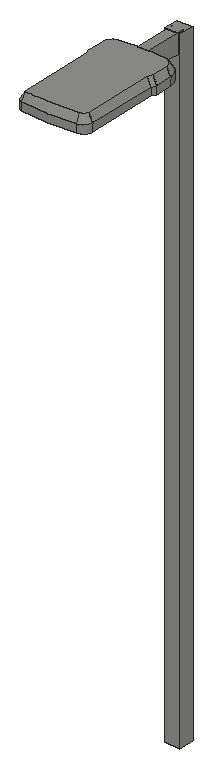
Revit family "VP-3-ASQU", category Lighting Fixtures, host Face, Revit 2019
Family settings
  Host = Face
  Round Connector Dimension = Use Diameter
  Part Type = Normal
  OmniClass Number = 23.80.70.11.14.17
  OmniClass Title = Direct/Indirect
  Cut with Voids When Loaded = No
  Light Source = No
  Shared = Yes
  Room Calculation Point = No
Parameters (values of type "VP-3-ASQU")
  Wattage Comments = "423.2W"
  Warranty = "Five year warranty"  # constant formula
  Voltage = 120 V
  URL = "https://www.currentlighting.com/beacon"
  Type Comments = "Lighting Fixture"  # constant formula
  Product Page URL = "https://www.currentlighting.com/outdoor-lighting/viper-area-size-3/9606405"
  Product Documentation Link = "https://cdn.currentlighting.com/site/specsheet/BEA_VIPERSPEC.pdf"
  Power Factor = 0.9
  Pole Height [instance] = 144.00"
  Name = "Viper Area Size 3"  # constant formula
  Model = "VP-3-ASQU"
  Matt Grey = MATT GREY
  Matt Black = Matt Black
  Manufacturer = "Current Lighting"  # constant formula
  Load Classification = Lighting
  Light Output = 30846.00 cd/m²
  Lamp = "LED"  # constant formula
  Grey = Grey
  Glass = Glass
  Pole Size [instance] = 3.50"
  Features = "Featuring two different optical technologies, Micro Strike and Strike Optics, which provide the best distribution patterns for retrofit or new construction\r\nVibration rated for high vibration applications including bridges and overpasses\r\nControl options including photo control, occupancy sensing, NX Lighting Controls, wiSCAPE and 7-Pin with networked controls\r\nMounting options include: Arm, Universal Arm, Adjustable Arm, Mast Arm, Decorative Arm, Knuckle, Trunnion, Wall\r\nDistribution options include: Auto Front Row, Type 2, Type 3, Type 4 Forward, Type 4 Wide, Type 5 Narrow, Type 5 Medium, Type 5 Wide, Type 5 Rectangular, Corner Optic, and Tennis Court\r\n\r\n"  # constant formula
  Copyright = "© 2022 Current Lighting"  # constant formula
  Cool Grey = Cool Grey
  Contact Us = "https://www.currentlighting.com/contact-us"
  Certification = "UL"  # constant formula
  Description = "The Viper is an extremely versatile area/site luminaire which blends design, performance, and technology for a variety of applications."  # constant formula
  Default Elevation = 48.00"
  Finish = Arctic White
  Matt White = Matt White
  CRI = "70"  # constant formula
  Brand = "Beacon"  # constant formula
  Assembly Code = "D5020200"
  Apparent Load = 423.2 VA
Reference planes (in)
  plane 1 "Center (Front/Back)": y = 6.16697
  plane 2: z = 0
  plane 3 "Center (Left/Right)": x = 0
  plane 4: z = 3.75
  plane 5: z = -4.44
  plane 6: x = -1.75
  plane 7: x = 1.75
  plane 8: y = 4.41697
  plane 9: y = 7.91697
  plane 10: z = 144
Forms (in)
  Extrusion 1, solid, material "Cool Grey" <- "Cool Grey"
    sketch origin (0, 0, 0) x (1, 0, 0) y (0, 1, 0)
      loop
        line (-1.75, 7.91697) -> (-1.75, 4.41697) -> (1.75, 4.41697) -> (1.75, 7.91697) -> (-1.75, 7.91697)
    from 0 to 144
Lines and regions (in)
  reference lines
    curve 1: line (0, 14.42606, -3.25) -> (0, 17.42606, -0.25)
    curve 2: line (0, -2.09213, -3.25) -> (0, 14.42606, -3.25)
    curve 3: line (0, -5.09213, -0.25) -> (0, -2.09213, -3.25)
    curve 4: line (0, 14.42606, -3.25) -> (0, 17.42606, -0.25)
    curve 5: line (0, -5.09213, -0.25) -> (0, 17.42606, -0.25)
    curve 6: line (0, 17.17606, -0.77432) -> (0, 17.92606, -0.77432)
    curve 7: line (0, 17.17606, -1.52432) -> (0, 17.17606, -0.77432)
    curve 8: line (0, 16.69614, -1.52432) -> (0, 17.17606, -1.52432)
    curve 9: line (0, 14.92606, -4.25) -> (0, 16.69614, -1.52432)
    curve 10: line (0, -4.3622, -1.52432) -> (0, -2.59213, -4.25)
    curve 11: line (0, -4.84213, -1.52432) -> (0, -4.3622, -1.52432)
    curve 12: line (0, -4.84213, -0.77432) -> (0, -4.84213, -1.52432)
    curve 13: line (0, -5.59213, -0.77432) -> (0, -4.84213, -0.77432)
Dimensions and locks (in)
  plane 4 to plane 2 = 3.75"
  "Pole Size": plane 8 to plane 9
  equal spacing: plane 8, plane 1 "Center (Front/Back)", plane 9
  equal spacing: plane 6, plane 3 "Center (Left/Right)", plane 7
  "Pole Size": plane 6 to plane 7
  "Pole Height": plane 10 to plane 2
  aligned and locked: plane 2 to host face
  aligned and locked: level to host face
  aligned and locked: plane 10 to Extrusion 1
  aligned and locked: plane 3 "Center (Left/Right)" to nested 1
  aligned and locked: plane 9 to Extrusion 1 sketch curve
  aligned and locked: plane 6 to Extrusion 1 sketch curve
  aligned and locked: Extrusion 1 sketch curve to plane 8
  aligned and locked: Extrusion 1 sketch curve to plane 7
  aligned and locked: nested 1 to plane 10
Automatic sketch dimensions
  host sketch curve to host sketch curve = 96.00"
  host sketch curve to host sketch curve = 85.00"
  curve 3 to level = 0.25"
  plane 8 to curve 3 = 9.50909"
  curve 3 to curve 12 = 0.25"
  curve 11 to curve 11 = 0.47992"
  curve 2 to plane 5 = 1.19"
  curve 10 to curve 2 = 2.27008"
  curve 1 to plane 9 = 6.50909"
  curve 9 to level = 1.52432"
  curve 1 to curve 9 = 2.27008"
  curve 8 to curve 8 = 0.47992"
  curve 6 to curve 4 = 0.25"
  curve 10 to curve 3 = 1.27432"
  curve 7 to curve 1 = 0.52432"
  curve 12 to curve 3 = 0.52432"
  curve 13 to curve 3 = 0.50"
  curve 10 to plane 5 = 0.19"
  curve 10 to curve 2 = 0.50"
  curve 9 to plane 5 = 0.19"
  curve 1 to curve 9 = 0.50"
  curve 1 to curve 6 = 0.50"
Nested families (in)
  nested 1: "SIZE3" at (0, 4.41697, 142.26) x (1, 0, 0) z (0, -1, 0), type "SIZE3"
Connectors (in)
  electrical at (0, 6.16697, 0), driven by "Power Factor", driven by "Apparent Load", driven by "Voltage"
    settings: on Extrusion 1, index 1, voltage 120 V, apparent load 423.2 VA, apparent load phase1 0 VA, apparent load phase2 0 VA, apparent load phase3 0 VA, power factor 0.9, load classification "Other", number of poles 1, system type 30, power factor state 1, is connector primary yes, connector utility no, sub classification motor no, connector description "Light Fixture"
Definition of nested family "SIZE3"
  Parameters (values of type "SIZE3")
    Width = 16.11"
    Wattage = 423.2 W
    built-in parameter 1150110 = 1 (stored number, unit not read)
    built-in parameter 1114217 = 1 (stored number, unit not read)
    Tilt Angle = 160.00°
    built-in parameter 1150109 = 1 (stored number, unit not read)
    built-in parameter 1150134 = 3
    built-in parameter 1150113 = 1 (stored number, unit not read)
    Photometric Web File = "VP-3-480L-425-3K7-4W-BC.ies"
    Mount Length = 7.50"
    built-in parameter 1150105 = 2458.4 (stored number, unit not read)
    Lumens = 30893.6 lm
    built-in parameter 1150115 = 1 (stored number, unit not read)
    built-in parameter 1150137 = (empty or 0)
    built-in parameter 1150139 = (empty or 0)
    Length = 26.97"
    built-in parameter 1150112 = 1 (stored number, unit not read)
    built-in parameter 1150114 = 1 (stored number, unit not read)
    built-in parameter 1150132 = (empty or 0)
    built-in parameter 1150102 = (empty or 0)
    built-in parameter 1150107 = 3200 (stored number, unit not read)
    built-in parameter 1150138 = (empty or 0)
    built-in parameter 1150106 = 24.584 (stored number, unit not read)
    Glass = none
    Fixture = none
    built-in parameter 1150104 = 6.7819 (stored number, unit not read)
    Dimming Lamp Color Temperature Shift = (empty or 0)
    Default Elevation = 48.00"
    Color Filter = 16777215
    built-in parameter 1114218 = 1 (stored number, unit not read)
    built-in parameter 1150133 = 10 (stored number, unit not read)
  Reference planes (in)
    plane 1 "Center (Front/Back)": y = 0
    plane 2: z = 0
    plane 3 "Center (Left/Right)": x = 0
    plane 4: x = 8.055
    plane 5: x = -8.055
    plane 6: z = 7.5
    plane 7: z = 34.47
    plane 8: y = -1.74
    plane 9: y = 1.74
  Forms (in)
    Extrusion 1, solid
      sketch origin (0, 0, 0) x (1, 0, 0) y (0, 1, 0)
        loop
          line (-48, 48) -> (-48, -48) -> (48, -48) -> (48, 48) -> (-48, 48)
      from 0 to -12
    Extrusion 2, solid, material <- "Fixture"
      sketch origin (0, 0, 0) x (1, 0, 0) y (0, 0, 1)
        loop
          line (-7.77472, 15.72202) -> (-8.18, 14.67799) -> (-8.18, 10.64521)
          arc (-8.18, 10.64521) -> (-7.52407, 8.68733) -> (-5.82104, 7.51974) r 3.25
          arc (-5.82104, 7.51974) -> (0, 7.02866) -> (5.82104, 7.51974) r 34.74571
          arc (5.82104, 7.51974) -> (7.52407, 8.68733) -> (8.18, 10.64521) r 3.25
          line (8.18, 10.64521) -> (8.18, 14.67799) -> (7.7425, 15.80502) -> (7.7425, 32.05879)
          arc (7.7425, 32.05879) -> (7.16964, 33.45997) -> (5.77922, 34.05846) r 2
          arc (5.77922, 34.05846) -> (-0.48981, 34.44343) -> (-6.75192, 33.95884) r 45.36519
          arc (-6.75192, 33.95884) -> (-7.48558, 33.52919) -> (-7.77472, 32.72966) r 1.25
          line (-7.77472, 32.72966) -> (-7.77472, 15.72202)
      from 0 to 1.74
    Extrusion 3, solid, material <- "Fixture"
      sketch origin (0, 0, 0) x (0, 1, 0) y (0, 0, 1)
        loop
          line (1.74, 8.13918) -> (-1.6273, 8.13918) -> (-2.86955, -1.406) -> (1.74, -1.406) -> (1.74, 8.13918)
      from -1.24 to 1.24
    Extrusion 4, void
      sketch origin (0, 0, 0) x (1, 0, 0) y (0, 0, 1)
        loop
          arc (-6.77608, 15.13973) -> (0.07705, 15.56709) -> (6.93, 15.13674) r 54.96889
          line (6.93, 15.13674) -> (6.93, 32.15182) -> (-6.77608, 32.15182) -> (-6.77608, 15.13973)
      from 1 to 1.75
    Extrusion 5, solid, material <- "Glass"
      sketch origin (0, 0, 0) x (1, 0, 0) y (0, 0, 1)
        loop
          arc (-5.55487, 32.15182) -> (-5.80236, 32.04931) -> (-5.90487, 31.80182) r 0.35
          line (-5.90487, 31.80182) -> (-5.90487, 27.00182)
          arc (-5.90487, 27.00182) -> (-5.80236, 26.75434) -> (-5.55487, 26.65182) r 0.35
          line (-5.55487, 26.65182) -> (5.55487, 26.65182)
          arc (5.55487, 26.65182) -> (5.80236, 26.75434) -> (5.90487, 27.00182) r 0.35
          line (5.90487, 27.00182) -> (5.90487, 31.80182)
          arc (5.90487, 31.80182) -> (5.80236, 32.04931) -> (5.55487, 32.15182) r 0.35
          line (5.55487, 32.15182) -> (-5.55487, 32.15182)
      from 1 to 1.35
    Extrusion 6, solid, material <- "Glass"
      sketch origin (0.75, 0, 0.125) x (1, 0, 0) y (0, 0, 1)
        loop
          circle (-5.72329, 31.32694) r 0.15
        loop
          circle (-5.20455, 31.32694) r 0.15
        loop
          circle (-4.6858, 31.32694) r 0.15
        loop
          circle (-4.16705, 31.32694) r 0.15
        loop
          circle (-3.6483, 31.32694) r 0.15
        loop
          circle (-3.12955, 31.32694) r 0.15
        loop
          circle (-2.6108, 31.32694) r 0.15
        loop
          circle (-2.09205, 31.32694) r 0.15
        loop
          circle (-1.57331, 31.32694) r 0.15
        loop
          circle (-5.72329, 30.82694) r 0.15
        loop
          circle (-5.20455, 30.82694) r 0.15
        loop
          circle (-4.6858, 30.82694) r 0.15
        loop
          circle (-4.16705, 30.82694) r 0.15
        loop
          circle (-3.6483, 30.82694) r 0.15
        loop
          circle (-3.12955, 30.82694) r 0.15
        loop
          circle (-2.6108, 30.82694) r 0.15
        loop
          circle (-2.09205, 30.82694) r 0.15
        loop
          circle (-1.57331, 30.82694) r 0.15
        loop
          circle (-5.72329, 30.32694) r 0.15
        loop
          circle (-5.20455, 30.32694) r 0.15
        loop
          circle (-4.6858, 30.32694) r 0.15
        loop
          circle (-4.16705, 30.32694) r 0.15
        loop
          circle (-3.6483, 30.32694) r 0.15
        loop
          circle (-3.12955, 30.32694) r 0.15
        loop
          circle (-2.6108, 30.32694) r 0.15
        loop
          circle (-2.09205, 30.32694) r 0.15
        loop
          circle (-1.57331, 30.32694) r 0.15
        loop
          circle (-5.72329, 29.82694) r 0.15
        loop
          circle (-5.20455, 29.82694) r 0.15
        loop
          circle (-4.6858, 29.82694) r 0.15
        loop
          circle (-4.16705, 29.82694) r 0.15
        loop
          circle (-3.6483, 29.82694) r 0.15
        loop
          circle (-3.12955, 29.82694) r 0.15
        loop
          circle (-2.6108, 29.82694) r 0.15
        loop
          circle (-2.09205, 29.82694) r 0.15
        loop
          circle (-1.57331, 29.82694) r 0.15
        loop
          circle (-5.72329, 29.32694) r 0.15
        loop
          circle (-5.20455, 29.32694) r 0.15
        loop
          circle (-4.6858, 29.32694) r 0.15
        loop
          circle (-4.16705, 29.32694) r 0.15
        loop
          circle (-3.6483, 29.32694) r 0.15
        loop
          circle (-3.12955, 29.32694) r 0.15
        loop
          circle (-2.6108, 29.32694) r 0.15
        loop
          circle (-2.09205, 29.32694) r 0.15
        loop
          circle (-1.57331, 29.32694) r 0.15
        loop
          circle (-5.72329, 28.82694) r 0.15
        loop
          circle (-5.20455, 28.82694) r 0.15
        loop
          circle (-4.6858, 28.82694) r 0.15
        loop
          circle (-4.16705, 28.82694) r 0.15
        loop
          circle (-3.6483, 28.82694) r 0.15
        loop
          circle (-3.12955, 28.82694) r 0.15
        loop
          circle (-2.6108, 28.82694) r 0.15
        loop
          circle (-2.09205, 28.82694) r 0.15
        loop
          circle (-1.57331, 28.82694) r 0.15
        loop
          circle (-5.72329, 28.32694) r 0.15
        loop
          circle (-5.20455, 28.32694) r 0.15
        loop
          circle (-4.6858, 28.32694) r 0.15
        loop
          circle (-4.16705, 28.32694) r 0.15
        loop
          circle (-3.6483, 28.32694) r 0.15
        loop
          circle (-3.12955, 28.32694) r 0.15
        loop
          circle (-2.6108, 28.32694) r 0.15
        loop
          circle (-2.09205, 28.32694) r 0.15
        loop
          circle (-1.57331, 28.32694) r 0.15
        loop
          circle (-5.72329, 27.82694) r 0.15
        loop
          circle (-5.20455, 27.82694) r 0.15
        loop
          circle (-4.6858, 27.82694) r 0.15
        loop
          circle (-4.16705, 27.82694) r 0.15
        loop
          circle (-3.6483, 27.82694) r 0.15
        loop
          circle (-3.12955, 27.82694) r 0.15
        loop
          circle (-2.6108, 27.82694) r 0.15
        loop
          circle (-2.09205, 27.82694) r 0.15
        loop
          circle (-1.57331, 27.82694) r 0.15
        loop
          circle (-5.72329, 27.32694) r 0.15
        loop
          circle (-5.20455, 27.32694) r 0.15
        loop
          circle (-4.6858, 27.32694) r 0.15
        loop
          circle (-4.16705, 27.32694) r 0.15
        loop
          circle (-3.6483, 27.32694) r 0.15
        loop
          circle (-3.12955, 27.32694) r 0.15
        loop
          circle (-2.6108, 27.32694) r 0.15
        loop
          circle (-2.09205, 27.32694) r 0.15
        loop
          circle (-1.57331, 27.32694) r 0.15
      from 1.35 to 1.4
    Extrusion 7, solid, material <- "Glass"
      sketch origin (0, 0, 0.125) x (1, 0, 0) y (0, 0, 1)
        loop
          arc (-5.41155, 31.8309) -> (-5.58833, 31.75768) -> (-5.66155, 31.5809) r 0.25
          line (-5.66155, 31.5809) -> (-5.66155, 27.0809)
          arc (-5.66155, 27.0809) -> (-5.58833, 26.90412) -> (-5.41155, 26.8309) r 0.25
          line (-5.41155, 26.8309) -> (-0.54655, 26.8309)
          arc (-0.54655, 26.8309) -> (-0.36977, 26.90412) -> (-0.29655, 27.0809) r 0.25
          line (-0.29655, 27.0809) -> (-0.29655, 31.5809)
          arc (-0.29655, 31.5809) -> (-0.36977, 31.75768) -> (-0.54655, 31.8309) r 0.25
          line (-0.54655, 31.8309) -> (-5.41155, 31.8309)
      from 1.35 to 1.37213
    Extrusion 8, solid, material <- "Fixture"
      sketch origin (0.125, 0, 12.5) x (1, 0, 0) y (0, 1, 0)
        loop
          line (5.93193, -1) -> (5.93193, -1.20146)
          arc (5.93193, -1.20146) -> (5.93867, -1.23973) -> (5.95811, -1.27339) r 0.1119
          line (5.95811, -1.27339) -> (6.31867, -1.70309)
          arc (6.31867, -1.70309) -> (6.34664, -1.72455) -> (6.38107, -1.73219) r 0.08147
          line (6.38107, -1.73219) -> (6.805, -1.73219) -> (6.805, -1) -> (5.93193, -1)
      from 18.55 to 18.65
    Extrusion 9, solid, material <- "Glass"
      sketch origin (-0.75, 0, 0.125) x (-1, 0, 0) y (0, 0, -1)
        loop
          circle (-5.72329, -31.32694) r 0.15
        loop
          circle (-5.20455, -31.32694) r 0.15
        loop
          circle (-4.6858, -31.32694) r 0.15
        loop
          circle (-4.16705, -31.32694) r 0.15
        loop
          circle (-3.6483, -31.32694) r 0.15
        loop
          circle (-3.12955, -31.32694) r 0.15
        loop
          circle (-2.6108, -31.32694) r 0.15
        loop
          circle (-2.09205, -31.32694) r 0.15
        loop
          circle (-1.57331, -31.32694) r 0.15
        loop
          circle (-5.72329, -30.82694) r 0.15
        loop
          circle (-5.20455, -30.82694) r 0.15
        loop
          circle (-4.6858, -30.82694) r 0.15
        loop
          circle (-4.16705, -30.82694) r 0.15
        loop
          circle (-3.6483, -30.82694) r 0.15
        loop
          circle (-3.12955, -30.82694) r 0.15
        loop
          circle (-2.6108, -30.82694) r 0.15
        loop
          circle (-2.09205, -30.82694) r 0.15
        loop
          circle (-1.57331, -30.82694) r 0.15
        loop
          circle (-5.72329, -30.32694) r 0.15
        loop
          circle (-5.20455, -30.32694) r 0.15
        loop
          circle (-4.6858, -30.32694) r 0.15
        loop
          circle (-4.16705, -30.32694) r 0.15
        loop
          circle (-3.6483, -30.32694) r 0.15
        loop
          circle (-3.12955, -30.32694) r 0.15
        loop
          circle (-2.6108, -30.32694) r 0.15
        loop
          circle (-2.09205, -30.32694) r 0.15
        loop
          circle (-1.57331, -30.32694) r 0.15
        loop
          circle (-5.72329, -29.82694) r 0.15
        loop
          circle (-5.20455, -29.82694) r 0.15
        loop
          circle (-4.6858, -29.82694) r 0.15
        loop
          circle (-4.16705, -29.82694) r 0.15
        loop
          circle (-3.6483, -29.82694) r 0.15
        loop
          circle (-3.12955, -29.82694) r 0.15
        loop
          circle (-2.6108, -29.82694) r 0.15
        loop
          circle (-2.09205, -29.82694) r 0.15
        loop
          circle (-1.57331, -29.82694) r 0.15
        loop
          circle (-5.72329, -29.32694) r 0.15
        loop
          circle (-5.20455, -29.32694) r 0.15
        loop
          circle (-4.6858, -29.32694) r 0.15
        loop
          circle (-4.16705, -29.32694) r 0.15
        loop
          circle (-3.6483, -29.32694) r 0.15
        loop
          circle (-3.12955, -29.32694) r 0.15
        loop
          circle (-2.6108, -29.32694) r 0.15
        loop
          circle (-2.09205, -29.32694) r 0.15
        loop
          circle (-1.57331, -29.32694) r 0.15
        loop
          circle (-5.72329, -28.82694) r 0.15
        loop
          circle (-5.20455, -28.82694) r 0.15
        loop
          circle (-4.6858, -28.82694) r 0.15
        loop
          circle (-4.16705, -28.82694) r 0.15
        loop
          circle (-3.6483, -28.82694) r 0.15
        loop
          circle (-3.12955, -28.82694) r 0.15
        loop
          circle (-2.6108, -28.82694) r 0.15
        loop
          circle (-2.09205, -28.82694) r 0.15
        loop
          circle (-1.57331, -28.82694) r 0.15
        loop
          circle (-5.72329, -28.32694) r 0.15
        loop
          circle (-5.20455, -28.32694) r 0.15
        loop
          circle (-4.6858, -28.32694) r 0.15
        loop
          circle (-4.16705, -28.32694) r 0.15
        loop
          circle (-3.6483, -28.32694) r 0.15
        loop
          circle (-3.12955, -28.32694) r 0.15
        loop
          circle (-2.6108, -28.32694) r 0.15
        loop
          circle (-2.09205, -28.32694) r 0.15
        loop
          circle (-1.57331, -28.32694) r 0.15
        loop
          circle (-5.72329, -27.82694) r 0.15
        loop
          circle (-5.20455, -27.82694) r 0.15
        loop
          circle (-4.6858, -27.82694) r 0.15
        loop
          circle (-4.16705, -27.82694) r 0.15
        loop
          circle (-3.6483, -27.82694) r 0.15
        loop
          circle (-3.12955, -27.82694) r 0.15
        loop
          circle (-2.6108, -27.82694) r 0.15
        loop
          circle (-2.09205, -27.82694) r 0.15
        loop
          circle (-1.57331, -27.82694) r 0.15
        loop
          circle (-5.72329, -27.32694) r 0.15
        loop
          circle (-5.20455, -27.32694) r 0.15
        loop
          circle (-4.6858, -27.32694) r 0.15
        loop
          circle (-4.16705, -27.32694) r 0.15
        loop
          circle (-3.6483, -27.32694) r 0.15
        loop
          circle (-3.12955, -27.32694) r 0.15
        loop
          circle (-2.6108, -27.32694) r 0.15
        loop
          circle (-2.09205, -27.32694) r 0.15
        loop
          circle (-1.57331, -27.32694) r 0.15
      from 1.35 to 1.4
    Extrusion 10, solid, material <- "Glass"
      sketch origin (0, 0, 0.125) x (-1, 0, 0) y (0, 0, -1)
        loop
          line (-5.41155, -31.8309) -> (-0.54655, -31.8309)
          arc (-0.54655, -31.8309) -> (-0.36977, -31.75768) -> (-0.29655, -31.5809) r 0.25
          line (-0.29655, -31.5809) -> (-0.29655, -27.0809)
          arc (-0.29655, -27.0809) -> (-0.36977, -26.90412) -> (-0.54655, -26.8309) r 0.25
          line (-0.54655, -26.8309) -> (-5.41155, -26.8309)
          arc (-5.41155, -26.8309) -> (-5.58833, -26.90412) -> (-5.66155, -27.0809) r 0.25
          line (-5.66155, -27.0809) -> (-5.66155, -31.5809)
          arc (-5.66155, -31.5809) -> (-5.58833, -31.75768) -> (-5.41155, -31.8309) r 0.25
      from 1.35 to 1.37213
    Extrusion 11, solid, material <- "Glass"
      sketch origin (0, 0, -5.25) x (1, 0, 0) y (0, 0, 1)
        loop
          arc (-5.55487, 31.90182) -> (-5.80236, 31.79931) -> (-5.90487, 31.55182) r 0.35
          line (-5.90487, 31.55182) -> (-5.90487, 26.75182)
          arc (-5.90487, 26.75182) -> (-5.80236, 26.50434) -> (-5.55487, 26.40182) r 0.35
          line (-5.55487, 26.40182) -> (5.55487, 26.40182)
          arc (5.55487, 26.40182) -> (5.80236, 26.50434) -> (5.90487, 26.75182) r 0.35
          line (5.90487, 26.75182) -> (5.90487, 31.55182)
          arc (5.90487, 31.55182) -> (5.80236, 31.79931) -> (5.55487, 31.90182) r 0.35
          line (5.55487, 31.90182) -> (-5.55487, 31.90182)
      from 1 to 1.35
    Extrusion 12, solid, material <- "Glass"
      sketch origin (0.75, 0, -5.375) x (1, 0, 0) y (0, 0, 1)
        loop
          circle (-5.72329, 31.32694) r 0.15
        loop
          circle (-5.20455, 31.32694) r 0.15
        loop
          circle (-4.6858, 31.32694) r 0.15
        loop
          circle (-4.16705, 31.32694) r 0.15
        loop
          circle (-3.6483, 31.32694) r 0.15
        loop
          circle (-3.12955, 31.32694) r 0.15
        loop
          circle (-2.6108, 31.32694) r 0.15
        loop
          circle (-2.09205, 31.32694) r 0.15
        loop
          circle (-1.57331, 31.32694) r 0.15
        loop
          circle (-5.72329, 30.82694) r 0.15
        loop
          circle (-5.20455, 30.82694) r 0.15
        loop
          circle (-4.6858, 30.82694) r 0.15
        loop
          circle (-4.16705, 30.82694) r 0.15
        loop
          circle (-3.6483, 30.82694) r 0.15
        loop
          circle (-3.12955, 30.82694) r 0.15
        loop
          circle (-2.6108, 30.82694) r 0.15
        loop
          circle (-2.09205, 30.82694) r 0.15
        loop
          circle (-1.57331, 30.82694) r 0.15
        loop
          circle (-5.72329, 30.32694) r 0.15
        loop
          circle (-5.20455, 30.32694) r 0.15
        loop
          circle (-4.6858, 30.32694) r 0.15
        loop
          circle (-4.16705, 30.32694) r 0.15
        loop
          circle (-3.6483, 30.32694) r 0.15
        loop
          circle (-3.12955, 30.32694) r 0.15
        loop
          circle (-2.6108, 30.32694) r 0.15
        loop
          circle (-2.09205, 30.32694) r 0.15
        loop
          circle (-1.57331, 30.32694) r 0.15
        loop
          circle (-5.72329, 29.82694) r 0.15
        loop
          circle (-5.20455, 29.82694) r 0.15
        loop
          circle (-4.6858, 29.82694) r 0.15
        loop
          circle (-4.16705, 29.82694) r 0.15
        loop
          circle (-3.6483, 29.82694) r 0.15
        loop
          circle (-3.12955, 29.82694) r 0.15
        loop
          circle (-2.6108, 29.82694) r 0.15
        loop
          circle (-2.09205, 29.82694) r 0.15
        loop
          circle (-1.57331, 29.82694) r 0.15
        loop
          circle (-5.72329, 29.32694) r 0.15
        loop
          circle (-5.20455, 29.32694) r 0.15
        loop
          circle (-4.6858, 29.32694) r 0.15
        loop
          circle (-4.16705, 29.32694) r 0.15
        loop
          circle (-3.6483, 29.32694) r 0.15
        loop
          circle (-3.12955, 29.32694) r 0.15
        loop
          circle (-2.6108, 29.32694) r 0.15
        loop
          circle (-2.09205, 29.32694) r 0.15
        loop
          circle (-1.57331, 29.32694) r 0.15
        loop
          circle (-5.72329, 28.82694) r 0.15
        loop
          circle (-5.20455, 28.82694) r 0.15
        loop
          circle (-4.6858, 28.82694) r 0.15
        loop
          circle (-4.16705, 28.82694) r 0.15
        loop
          circle (-3.6483, 28.82694) r 0.15
        loop
          circle (-3.12955, 28.82694) r 0.15
        loop
          circle (-2.6108, 28.82694) r 0.15
        loop
          circle (-2.09205, 28.82694) r 0.15
        loop
          circle (-1.57331, 28.82694) r 0.15
        loop
          circle (-5.72329, 28.32694) r 0.15
        loop
          circle (-5.20455, 28.32694) r 0.15
        loop
          circle (-4.6858, 28.32694) r 0.15
        loop
          circle (-4.16705, 28.32694) r 0.15
        loop
          circle (-3.6483, 28.32694) r 0.15
        loop
          circle (-3.12955, 28.32694) r 0.15
        loop
          circle (-2.6108, 28.32694) r 0.15
        loop
          circle (-2.09205, 28.32694) r 0.15
        loop
          circle (-1.57331, 28.32694) r 0.15
        loop
          circle (-5.72329, 27.82694) r 0.15
        loop
          circle (-5.20455, 27.82694) r 0.15
        loop
          circle (-4.6858, 27.82694) r 0.15
        loop
          circle (-4.16705, 27.82694) r 0.15
        loop
          circle (-3.6483, 27.82694) r 0.15
        loop
          circle (-3.12955, 27.82694) r 0.15
        loop
          circle (-2.6108, 27.82694) r 0.15
        loop
          circle (-2.09205, 27.82694) r 0.15
        loop
          circle (-1.57331, 27.82694) r 0.15
        loop
          circle (-5.72329, 27.32694) r 0.15
        loop
          circle (-5.20455, 27.32694) r 0.15
        loop
          circle (-4.6858, 27.32694) r 0.15
        loop
          circle (-4.16705, 27.32694) r 0.15
        loop
          circle (-3.6483, 27.32694) r 0.15
        loop
          circle (-3.12955, 27.32694) r 0.15
        loop
          circle (-2.6108, 27.32694) r 0.15
        loop
          circle (-2.09205, 27.32694) r 0.15
        loop
          circle (-1.57331, 27.32694) r 0.15
      from 1.35 to 1.4
    Extrusion 13, solid, material <- "Glass"
      sketch origin (0, 0, -5.375) x (1, 0, 0) y (0, 0, 1)
        loop
          arc (-5.41155, 31.8309) -> (-5.58833, 31.75768) -> (-5.66155, 31.5809) r 0.25
          line (-5.66155, 31.5809) -> (-5.66155, 27.0809)
          arc (-5.66155, 27.0809) -> (-5.58833, 26.90412) -> (-5.41155, 26.8309) r 0.25
          line (-5.41155, 26.8309) -> (-0.54655, 26.8309)
          arc (-0.54655, 26.8309) -> (-0.36977, 26.90412) -> (-0.29655, 27.0809) r 0.25
          line (-0.29655, 27.0809) -> (-0.29655, 31.5809)
          arc (-0.29655, 31.5809) -> (-0.36977, 31.75768) -> (-0.54655, 31.8309) r 0.25
          line (-0.54655, 31.8309) -> (-5.41155, 31.8309)
      from 1.35 to 1.37213
    Extrusion 14, solid, material <- "Glass"
      sketch origin (-0.75, 0, -5.375) x (-1, 0, 0) y (0, 0, -1)
        loop
          circle (-5.72329, -31.32694) r 0.15
        loop
          circle (-5.20455, -31.32694) r 0.15
        loop
          circle (-4.6858, -31.32694) r 0.15
        loop
          circle (-4.16705, -31.32694) r 0.15
        loop
          circle (-3.6483, -31.32694) r 0.15
        loop
          circle (-3.12955, -31.32694) r 0.15
        loop
          circle (-2.6108, -31.32694) r 0.15
        loop
          circle (-2.09205, -31.32694) r 0.15
        loop
          circle (-1.57331, -31.32694) r 0.15
        loop
          circle (-5.72329, -30.82694) r 0.15
        loop
          circle (-5.20455, -30.82694) r 0.15
        loop
          circle (-4.6858, -30.82694) r 0.15
        loop
          circle (-4.16705, -30.82694) r 0.15
        loop
          circle (-3.6483, -30.82694) r 0.15
        loop
          circle (-3.12955, -30.82694) r 0.15
        loop
          circle (-2.6108, -30.82694) r 0.15
        loop
          circle (-2.09205, -30.82694) r 0.15
        loop
          circle (-1.57331, -30.82694) r 0.15
        loop
          circle (-5.72329, -30.32694) r 0.15
        loop
          circle (-5.20455, -30.32694) r 0.15
        loop
          circle (-4.6858, -30.32694) r 0.15
        loop
          circle (-4.16705, -30.32694) r 0.15
        loop
          circle (-3.6483, -30.32694) r 0.15
        loop
          circle (-3.12955, -30.32694) r 0.15
        loop
          circle (-2.6108, -30.32694) r 0.15
        loop
          circle (-2.09205, -30.32694) r 0.15
        loop
          circle (-1.57331, -30.32694) r 0.15
        loop
          circle (-5.72329, -29.82694) r 0.15
        loop
          circle (-5.20455, -29.82694) r 0.15
        loop
          circle (-4.6858, -29.82694) r 0.15
        loop
          circle (-4.16705, -29.82694) r 0.15
        loop
          circle (-3.6483, -29.82694) r 0.15
        loop
          circle (-3.12955, -29.82694) r 0.15
        loop
          circle (-2.6108, -29.82694) r 0.15
        loop
          circle (-2.09205, -29.82694) r 0.15
        loop
          circle (-1.57331, -29.82694) r 0.15
        loop
          circle (-5.72329, -29.32694) r 0.15
        loop
          circle (-5.20455, -29.32694) r 0.15
        loop
          circle (-4.6858, -29.32694) r 0.15
        loop
          circle (-4.16705, -29.32694) r 0.15
        loop
          circle (-3.6483, -29.32694) r 0.15
        loop
          circle (-3.12955, -29.32694) r 0.15
        loop
          circle (-2.6108, -29.32694) r 0.15
        loop
          circle (-2.09205, -29.32694) r 0.15
        loop
          circle (-1.57331, -29.32694) r 0.15
        loop
          circle (-5.72329, -28.82694) r 0.15
        loop
          circle (-5.20455, -28.82694) r 0.15
        loop
          circle (-4.6858, -28.82694) r 0.15
        loop
          circle (-4.16705, -28.82694) r 0.15
        loop
          circle (-3.6483, -28.82694) r 0.15
        loop
          circle (-3.12955, -28.82694) r 0.15
        loop
          circle (-2.6108, -28.82694) r 0.15
        loop
          circle (-2.09205, -28.82694) r 0.15
        loop
          circle (-1.57331, -28.82694) r 0.15
        loop
          circle (-5.72329, -28.32694) r 0.15
        loop
          circle (-5.20455, -28.32694) r 0.15
        loop
          circle (-4.6858, -28.32694) r 0.15
        loop
          circle (-4.16705, -28.32694) r 0.15
        loop
          circle (-3.6483, -28.32694) r 0.15
        loop
          circle (-3.12955, -28.32694) r 0.15
        loop
          circle (-2.6108, -28.32694) r 0.15
        loop
          circle (-2.09205, -28.32694) r 0.15
        loop
          circle (-1.57331, -28.32694) r 0.15
        loop
          circle (-5.72329, -27.82694) r 0.15
        loop
          circle (-5.20455, -27.82694) r 0.15
        loop
          circle (-4.6858, -27.82694) r 0.15
        loop
          circle (-4.16705, -27.82694) r 0.15
        loop
          circle (-3.6483, -27.82694) r 0.15
        loop
          circle (-3.12955, -27.82694) r 0.15
        loop
          circle (-2.6108, -27.82694) r 0.15
        loop
          circle (-2.09205, -27.82694) r 0.15
        loop
          circle (-1.57331, -27.82694) r 0.15
        loop
          circle (-5.72329, -27.32694) r 0.15
        loop
          circle (-5.20455, -27.32694) r 0.15
        loop
          circle (-4.6858, -27.32694) r 0.15
        loop
          circle (-4.16705, -27.32694) r 0.15
        loop
          circle (-3.6483, -27.32694) r 0.15
        loop
          circle (-3.12955, -27.32694) r 0.15
        loop
          circle (-2.6108, -27.32694) r 0.15
        loop
          circle (-2.09205, -27.32694) r 0.15
        loop
          circle (-1.57331, -27.32694) r 0.15
      from 1.35 to 1.4
    Extrusion 15, solid, material <- "Glass"
      sketch origin (0, 0, -5.375) x (-1, 0, 0) y (0, 0, -1)
        loop
          line (-5.41155, -31.8309) -> (-0.54655, -31.8309)
          arc (-0.54655, -31.8309) -> (-0.36977, -31.75768) -> (-0.29655, -31.5809) r 0.25
          line (-0.29655, -31.5809) -> (-0.29655, -27.0809)
          arc (-0.29655, -27.0809) -> (-0.36977, -26.90412) -> (-0.54655, -26.8309) r 0.25
          line (-0.54655, -26.8309) -> (-5.41155, -26.8309)
          arc (-5.41155, -26.8309) -> (-5.58833, -26.90412) -> (-5.66155, -27.0809) r 0.25
          line (-5.66155, -27.0809) -> (-5.66155, -31.5809)
          arc (-5.66155, -31.5809) -> (-5.58833, -31.75768) -> (-5.41155, -31.8309) r 0.25
      from 1.35 to 1.37213
    Extrusion 16, solid, material <- "Glass"
      sketch origin (0, 0, 47.80365) x (1, 0, 0) y (0, 0, 1)
        loop
          line (-5.55487, -32.15182) -> (5.55487, -32.15182)
          arc (5.55487, -32.15182) -> (5.80236, -32.04931) -> (5.90487, -31.80182) r 0.35
          line (5.90487, -31.80182) -> (5.90487, -27.00182)
          arc (5.90487, -27.00182) -> (5.80236, -26.75434) -> (5.55487, -26.65182) r 0.35
          line (5.55487, -26.65182) -> (-5.55487, -26.65182)
          arc (-5.55487, -26.65182) -> (-5.80236, -26.75434) -> (-5.90487, -27.00182) r 0.35
          line (-5.90487, -27.00182) -> (-5.90487, -31.80182)
          arc (-5.90487, -31.80182) -> (-5.80236, -32.04931) -> (-5.55487, -32.15182) r 0.35
      from 1 to 1.35
    Extrusion 17, solid, material <- "Glass"
      sketch origin (0.75, 0, 47.67865) x (1, 0, 0) y (0, 0, 1)
        loop
          circle (-5.72329, -31.32694) r 0.15
        loop
          circle (-5.20455, -31.32694) r 0.15
        loop
          circle (-4.6858, -31.32694) r 0.15
        loop
          circle (-4.16705, -31.32694) r 0.15
        loop
          circle (-3.6483, -31.32694) r 0.15
        loop
          circle (-3.12955, -31.32694) r 0.15
        loop
          circle (-2.6108, -31.32694) r 0.15
        loop
          circle (-2.09205, -31.32694) r 0.15
        loop
          circle (-1.57331, -31.32694) r 0.15
        loop
          circle (-5.72329, -30.82694) r 0.15
        loop
          circle (-5.20455, -30.82694) r 0.15
        loop
          circle (-4.6858, -30.82694) r 0.15
        loop
          circle (-4.16705, -30.82694) r 0.15
        loop
          circle (-3.6483, -30.82694) r 0.15
        loop
          circle (-3.12955, -30.82694) r 0.15
        loop
          circle (-2.6108, -30.82694) r 0.15
        loop
          circle (-2.09205, -30.82694) r 0.15
        loop
          circle (-1.57331, -30.82694) r 0.15
        loop
          circle (-5.72329, -30.32694) r 0.15
        loop
          circle (-5.20455, -30.32694) r 0.15
        loop
          circle (-4.6858, -30.32694) r 0.15
        loop
          circle (-4.16705, -30.32694) r 0.15
        loop
          circle (-3.6483, -30.32694) r 0.15
        loop
          circle (-3.12955, -30.32694) r 0.15
        loop
          circle (-2.6108, -30.32694) r 0.15
        loop
          circle (-2.09205, -30.32694) r 0.15
        loop
          circle (-1.57331, -30.32694) r 0.15
        loop
          circle (-5.72329, -29.82694) r 0.15
        loop
          circle (-5.20455, -29.82694) r 0.15
        loop
          circle (-4.6858, -29.82694) r 0.15
        loop
          circle (-4.16705, -29.82694) r 0.15
        loop
          circle (-3.6483, -29.82694) r 0.15
        loop
          circle (-3.12955, -29.82694) r 0.15
        loop
          circle (-2.6108, -29.82694) r 0.15
        loop
          circle (-2.09205, -29.82694) r 0.15
        loop
          circle (-1.57331, -29.82694) r 0.15
        loop
          circle (-5.72329, -29.32694) r 0.15
        loop
          circle (-5.20455, -29.32694) r 0.15
        loop
          circle (-4.6858, -29.32694) r 0.15
        loop
          circle (-4.16705, -29.32694) r 0.15
        loop
          circle (-3.6483, -29.32694) r 0.15
        loop
          circle (-3.12955, -29.32694) r 0.15
        loop
          circle (-2.6108, -29.32694) r 0.15
        loop
          circle (-2.09205, -29.32694) r 0.15
        loop
          circle (-1.57331, -29.32694) r 0.15
        loop
          circle (-5.72329, -28.82694) r 0.15
        loop
          circle (-5.20455, -28.82694) r 0.15
        loop
          circle (-4.6858, -28.82694) r 0.15
        loop
          circle (-4.16705, -28.82694) r 0.15
        loop
          circle (-3.6483, -28.82694) r 0.15
        loop
          circle (-3.12955, -28.82694) r 0.15
        loop
          circle (-2.6108, -28.82694) r 0.15
        loop
          circle (-2.09205, -28.82694) r 0.15
        loop
          circle (-1.57331, -28.82694) r 0.15
        loop
          circle (-5.72329, -28.32694) r 0.15
        loop
          circle (-5.20455, -28.32694) r 0.15
        loop
          circle (-4.6858, -28.32694) r 0.15
        loop
          circle (-4.16705, -28.32694) r 0.15
        loop
          circle (-3.6483, -28.32694) r 0.15
        loop
          circle (-3.12955, -28.32694) r 0.15
        loop
          circle (-2.6108, -28.32694) r 0.15
        loop
          circle (-2.09205, -28.32694) r 0.15
        loop
          circle (-1.57331, -28.32694) r 0.15
        loop
          circle (-5.72329, -27.82694) r 0.15
        loop
          circle (-5.20455, -27.82694) r 0.15
        loop
          circle (-4.6858, -27.82694) r 0.15
        loop
          circle (-4.16705, -27.82694) r 0.15
        loop
          circle (-3.6483, -27.82694) r 0.15
        loop
          circle (-3.12955, -27.82694) r 0.15
        loop
          circle (-2.6108, -27.82694) r 0.15
        loop
          circle (-2.09205, -27.82694) r 0.15
        loop
          circle (-1.57331, -27.82694) r 0.15
        loop
          circle (-5.72329, -27.32694) r 0.15
        loop
          circle (-5.20455, -27.32694) r 0.15
        loop
          circle (-4.6858, -27.32694) r 0.15
        loop
          circle (-4.16705, -27.32694) r 0.15
        loop
          circle (-3.6483, -27.32694) r 0.15
        loop
          circle (-3.12955, -27.32694) r 0.15
        loop
          circle (-2.6108, -27.32694) r 0.15
        loop
          circle (-2.09205, -27.32694) r 0.15
        loop
          circle (-1.57331, -27.32694) r 0.15
      from 1.35 to 1.4
    Extrusion 18, solid, material <- "Glass"
      sketch origin (0, 0, 47.67865) x (1, 0, 0) y (0, 0, 1)
        loop
          line (-5.41155, -31.8309) -> (-0.54655, -31.8309)
          arc (-0.54655, -31.8309) -> (-0.36977, -31.75768) -> (-0.29655, -31.5809) r 0.25
          line (-0.29655, -31.5809) -> (-0.29655, -27.0809)
          arc (-0.29655, -27.0809) -> (-0.36977, -26.90412) -> (-0.54655, -26.8309) r 0.25
          line (-0.54655, -26.8309) -> (-5.41155, -26.8309)
          arc (-5.41155, -26.8309) -> (-5.58833, -26.90412) -> (-5.66155, -27.0809) r 0.25
          line (-5.66155, -27.0809) -> (-5.66155, -31.5809)
          arc (-5.66155, -31.5809) -> (-5.58833, -31.75768) -> (-5.41155, -31.8309) r 0.25
      from 1.35 to 1.37213
    Extrusion 19, solid, material <- "Glass"
      sketch origin (-0.75, 0, 47.67865) x (-1, 0, 0) y (0, 0, -1)
        loop
          circle (-5.72329, 31.32694) r 0.15
        loop
          circle (-5.20455, 31.32694) r 0.15
        loop
          circle (-4.6858, 31.32694) r 0.15
        loop
          circle (-4.16705, 31.32694) r 0.15
        loop
          circle (-3.6483, 31.32694) r 0.15
        loop
          circle (-3.12955, 31.32694) r 0.15
        loop
          circle (-2.6108, 31.32694) r 0.15
        loop
          circle (-2.09205, 31.32694) r 0.15
        loop
          circle (-1.57331, 31.32694) r 0.15
        loop
          circle (-5.72329, 30.82694) r 0.15
        loop
          circle (-5.20455, 30.82694) r 0.15
        loop
          circle (-4.6858, 30.82694) r 0.15
        loop
          circle (-4.16705, 30.82694) r 0.15
        loop
          circle (-3.6483, 30.82694) r 0.15
        loop
          circle (-3.12955, 30.82694) r 0.15
        loop
          circle (-2.6108, 30.82694) r 0.15
        loop
          circle (-2.09205, 30.82694) r 0.15
        loop
          circle (-1.57331, 30.82694) r 0.15
        loop
          circle (-5.72329, 30.32694) r 0.15
        loop
          circle (-5.20455, 30.32694) r 0.15
        loop
          circle (-4.6858, 30.32694) r 0.15
        loop
          circle (-4.16705, 30.32694) r 0.15
        loop
          circle (-3.6483, 30.32694) r 0.15
        loop
          circle (-3.12955, 30.32694) r 0.15
        loop
          circle (-2.6108, 30.32694) r 0.15
        loop
          circle (-2.09205, 30.32694) r 0.15
        loop
          circle (-1.57331, 30.32694) r 0.15
        loop
          circle (-5.72329, 29.82694) r 0.15
        loop
          circle (-5.20455, 29.82694) r 0.15
        loop
          circle (-4.6858, 29.82694) r 0.15
        loop
          circle (-4.16705, 29.82694) r 0.15
        loop
          circle (-3.6483, 29.82694) r 0.15
        loop
          circle (-3.12955, 29.82694) r 0.15
        loop
          circle (-2.6108, 29.82694) r 0.15
        loop
          circle (-2.09205, 29.82694) r 0.15
        loop
          circle (-1.57331, 29.82694) r 0.15
        loop
          circle (-5.72329, 29.32694) r 0.15
        loop
          circle (-5.20455, 29.32694) r 0.15
        loop
          circle (-4.6858, 29.32694) r 0.15
        loop
          circle (-4.16705, 29.32694) r 0.15
        loop
          circle (-3.6483, 29.32694) r 0.15
        loop
          circle (-3.12955, 29.32694) r 0.15
        loop
          circle (-2.6108, 29.32694) r 0.15
        loop
          circle (-2.09205, 29.32694) r 0.15
        loop
          circle (-1.57331, 29.32694) r 0.15
        loop
          circle (-5.72329, 28.82694) r 0.15
        loop
          circle (-5.20455, 28.82694) r 0.15
        loop
          circle (-4.6858, 28.82694) r 0.15
        loop
          circle (-4.16705, 28.82694) r 0.15
        loop
          circle (-3.6483, 28.82694) r 0.15
        loop
          circle (-3.12955, 28.82694) r 0.15
        loop
          circle (-2.6108, 28.82694) r 0.15
        loop
          circle (-2.09205, 28.82694) r 0.15
        loop
          circle (-1.57331, 28.82694) r 0.15
        loop
          circle (-5.72329, 28.32694) r 0.15
        loop
          circle (-5.20455, 28.32694) r 0.15
        loop
          circle (-4.6858, 28.32694) r 0.15
        loop
          circle (-4.16705, 28.32694) r 0.15
        loop
          circle (-3.6483, 28.32694) r 0.15
        loop
          circle (-3.12955, 28.32694) r 0.15
        loop
          circle (-2.6108, 28.32694) r 0.15
        loop
          circle (-2.09205, 28.32694) r 0.15
        loop
          circle (-1.57331, 28.32694) r 0.15
        loop
          circle (-5.72329, 27.82694) r 0.15
        loop
          circle (-5.20455, 27.82694) r 0.15
        loop
          circle (-4.6858, 27.82694) r 0.15
        loop
          circle (-4.16705, 27.82694) r 0.15
        loop
          circle (-3.6483, 27.82694) r 0.15
        loop
          circle (-3.12955, 27.82694) r 0.15
        loop
          circle (-2.6108, 27.82694) r 0.15
        loop
          circle (-2.09205, 27.82694) r 0.15
        loop
          circle (-1.57331, 27.82694) r 0.15
        loop
          circle (-5.72329, 27.32694) r 0.15
        loop
          circle (-5.20455, 27.32694) r 0.15
        loop
          circle (-4.6858, 27.32694) r 0.15
        loop
          circle (-4.16705, 27.32694) r 0.15
        loop
          circle (-3.6483, 27.32694) r 0.15
        loop
          circle (-3.12955, 27.32694) r 0.15
        loop
          circle (-2.6108, 27.32694) r 0.15
        loop
          circle (-2.09205, 27.32694) r 0.15
        loop
          circle (-1.57331, 27.32694) r 0.15
      from 1.35 to 1.4
    Extrusion 20, solid, material <- "Glass"
      sketch origin (0, 0, 47.67865) x (-1, 0, 0) y (0, 0, -1)
        loop
          arc (-5.41155, 31.8309) -> (-5.58833, 31.75768) -> (-5.66155, 31.5809) r 0.25
          line (-5.66155, 31.5809) -> (-5.66155, 27.0809)
          arc (-5.66155, 27.0809) -> (-5.58833, 26.90412) -> (-5.41155, 26.8309) r 0.25
          line (-5.41155, 26.8309) -> (-0.54655, 26.8309)
          arc (-0.54655, 26.8309) -> (-0.36977, 26.90412) -> (-0.29655, 27.0809) r 0.25
          line (-0.29655, 27.0809) -> (-0.29655, 31.5809)
          arc (-0.29655, 31.5809) -> (-0.36977, 31.75768) -> (-0.54655, 31.8309) r 0.25
          line (-0.54655, 31.8309) -> (-5.41155, 31.8309)
      from 1.35 to 1.37213
    Extrusion 21, solid, material <- "Fixture"
      sketch origin (0.125, 0, 11.49818) x (1, 0, 0) y (0, 1, 0)
        loop
          line (5.93193, -1) -> (5.93193, -1.20146)
          arc (5.93193, -1.20146) -> (5.93867, -1.23973) -> (5.95811, -1.27339) r 0.1119
          line (5.95811, -1.27339) -> (6.31867, -1.70309)
          arc (6.31867, -1.70309) -> (6.34664, -1.72455) -> (6.38107, -1.73219) r 0.08147
          line (6.38107, -1.73219) -> (6.805, -1.73219) -> (6.805, -1) -> (5.93193, -1)
      from 18.55 to 18.65
    Extrusion 22, solid, material <- "Fixture"
      sketch origin (0.125, 0, 10.49635) x (1, 0, 0) y (0, 1, 0)
        loop
          line (5.93193, -1) -> (5.93193, -1.20146)
          arc (5.93193, -1.20146) -> (5.93867, -1.23973) -> (5.95811, -1.27339) r 0.1119
          line (5.95811, -1.27339) -> (6.31867, -1.70309)
          arc (6.31867, -1.70309) -> (6.34664, -1.72455) -> (6.38107, -1.73219) r 0.08147
          line (6.38107, -1.73219) -> (6.805, -1.73219) -> (6.805, -1) -> (5.93193, -1)
      from 18.55 to 18.65
    Extrusion 23, solid, material <- "Fixture"
      sketch origin (0.125, 0, 9.49453) x (1, 0, 0) y (0, 1, 0)
        loop
          line (5.93193, -1) -> (5.93193, -1.20146)
          arc (5.93193, -1.20146) -> (5.93867, -1.23973) -> (5.95811, -1.27339) r 0.1119
          line (5.95811, -1.27339) -> (6.31867, -1.70309)
          arc (6.31867, -1.70309) -> (6.34664, -1.72455) -> (6.38107, -1.73219) r 0.08147
          line (6.38107, -1.73219) -> (6.805, -1.73219) -> (6.805, -1) -> (5.93193, -1)
      from 18.55 to 18.65
    Extrusion 24, solid, material <- "Fixture"
      sketch origin (0.125, 0, 8.49453) x (1, 0, 0) y (0, 1, 0)
        loop
          line (5.93193, -1) -> (5.93193, -1.20146)
          arc (5.93193, -1.20146) -> (5.93867, -1.23973) -> (5.95811, -1.27339) r 0.1119
          line (5.95811, -1.27339) -> (6.31867, -1.70309)
          arc (6.31867, -1.70309) -> (6.34664, -1.72455) -> (6.38107, -1.73219) r 0.08147
          line (6.38107, -1.73219) -> (6.805, -1.73219) -> (6.805, -1) -> (5.93193, -1)
      from 18.55 to 18.65
    Extrusion 25, solid, material <- "Fixture"
      sketch origin (0.125, 0, 7.4375) x (1, 0, 0) y (0, 1, 0)
        loop
          line (5.93193, -1) -> (5.93193, -1.20146)
          arc (5.93193, -1.20146) -> (5.93867, -1.23973) -> (5.95811, -1.27339) r 0.1119
          line (5.95811, -1.27339) -> (6.31867, -1.70309)
          arc (6.31867, -1.70309) -> (6.34664, -1.72455) -> (6.38107, -1.73219) r 0.08147
          line (6.38107, -1.73219) -> (6.805, -1.73219) -> (6.805, -1) -> (5.93193, -1)
      from 18.55 to 18.65
    Extrusion 26, solid, material <- "Fixture"
      sketch origin (0.125, 0, 6.43568) x (1, 0, 0) y (0, 1, 0)
        loop
          line (5.93193, -1) -> (5.93193, -1.20146)
          arc (5.93193, -1.20146) -> (5.93867, -1.23973) -> (5.95811, -1.27339) r 0.1119
          line (5.95811, -1.27339) -> (6.31867, -1.70309)
          arc (6.31867, -1.70309) -> (6.34664, -1.72455) -> (6.38107, -1.73219) r 0.08147
          line (6.38107, -1.73219) -> (6.805, -1.73219) -> (6.805, -1) -> (5.93193, -1)
      from 18.55 to 18.65
    Extrusion 27, solid, material <- "Fixture"
      sketch origin (0.125, 0, 5.43385) x (1, 0, 0) y (0, 1, 0)
        loop
          line (5.93193, -1) -> (5.93193, -1.20146)
          arc (5.93193, -1.20146) -> (5.93867, -1.23973) -> (5.95811, -1.27339) r 0.1119
          line (5.95811, -1.27339) -> (6.31867, -1.70309)
          arc (6.31867, -1.70309) -> (6.34664, -1.72455) -> (6.38107, -1.73219) r 0.08147
          line (6.38107, -1.73219) -> (6.805, -1.73219) -> (6.805, -1) -> (5.93193, -1)
      from 18.55 to 18.65
    Extrusion 28, solid, material <- "Fixture"
      sketch origin (0.125, 0, 4.43203) x (1, 0, 0) y (0, 1, 0)
        loop
          line (5.93193, -1) -> (5.93193, -1.20146)
          arc (5.93193, -1.20146) -> (5.93867, -1.23973) -> (5.95811, -1.27339) r 0.1119
          line (5.95811, -1.27339) -> (6.31867, -1.70309)
          arc (6.31867, -1.70309) -> (6.34664, -1.72455) -> (6.38107, -1.73219) r 0.08147
          line (6.38107, -1.73219) -> (6.805, -1.73219) -> (6.805, -1) -> (5.93193, -1)
      from 18.55 to 18.65
    Extrusion 29, solid, material <- "Fixture"
      sketch origin (0.125, 0, 3.43203) x (1, 0, 0) y (0, 1, 0)
        loop
          line (5.93193, -1) -> (5.93193, -1.20146)
          arc (5.93193, -1.20146) -> (5.93867, -1.23973) -> (5.95811, -1.27339) r 0.1119
          line (5.95811, -1.27339) -> (6.31867, -1.70309)
          arc (6.31867, -1.70309) -> (6.34664, -1.72455) -> (6.38107, -1.73219) r 0.08147
          line (6.38107, -1.73219) -> (6.805, -1.73219) -> (6.805, -1) -> (5.93193, -1)
      from 18.55 to 18.65
    Extrusion 30, solid, material <- "Fixture"
      sketch origin (0.125, 0, 1.75) x (1, 0, 0) y (0, 1, 0)
        loop
          line (5.93193, -1) -> (5.93193, -1.20146)
          arc (5.93193, -1.20146) -> (5.93867, -1.23973) -> (5.95811, -1.27339) r 0.1119
          line (5.95811, -1.27339) -> (6.31867, -1.70309)
          arc (6.31867, -1.70309) -> (6.34664, -1.72455) -> (6.38107, -1.73219) r 0.08147
          line (6.38107, -1.73219) -> (6.805, -1.73219) -> (6.805, -1) -> (5.93193, -1)
      from 18.55 to 18.65
    Extrusion 31, solid, material <- "Fixture"
      sketch origin (0.125, 0, 0.74818) x (1, 0, 0) y (0, 1, 0)
        loop
          line (5.93193, -1) -> (5.93193, -1.20146)
          arc (5.93193, -1.20146) -> (5.93867, -1.23973) -> (5.95811, -1.27339) r 0.1119
          line (5.95811, -1.27339) -> (6.31867, -1.70309)
          arc (6.31867, -1.70309) -> (6.34664, -1.72455) -> (6.38107, -1.73219) r 0.08147
          line (6.38107, -1.73219) -> (6.805, -1.73219) -> (6.805, -1) -> (5.93193, -1)
      from 18.55 to 18.65
    Extrusion 32, solid, material <- "Fixture"
      sketch origin (0.125, 0, -0.25365) x (1, 0, 0) y (0, 1, 0)
        loop
          line (5.93193, -1) -> (5.93193, -1.20146)
          arc (5.93193, -1.20146) -> (5.93867, -1.23973) -> (5.95811, -1.27339) r 0.1119
          line (5.95811, -1.27339) -> (6.31867, -1.70309)
          arc (6.31867, -1.70309) -> (6.34664, -1.72455) -> (6.38107, -1.73219) r 0.08147
          line (6.38107, -1.73219) -> (6.805, -1.73219) -> (6.805, -1) -> (5.93193, -1)
      from 18.55 to 18.65
    Extrusion 33, solid, material <- "Fixture"
      sketch origin (0.125, 0, -1.25547) x (1, 0, 0) y (0, 1, 0)
        loop
          line (5.93193, -1) -> (5.93193, -1.20146)
          arc (5.93193, -1.20146) -> (5.93867, -1.23973) -> (5.95811, -1.27339) r 0.1119
          line (5.95811, -1.27339) -> (6.31867, -1.70309)
          arc (6.31867, -1.70309) -> (6.34664, -1.72455) -> (6.38107, -1.73219) r 0.08147
          line (6.38107, -1.73219) -> (6.805, -1.73219) -> (6.805, -1) -> (5.93193, -1)
      from 18.55 to 18.65
    Extrusion 34, solid, material <- "Fixture"
      sketch origin (0.125, 0, -2.25547) x (1, 0, 0) y (0, 1, 0)
        loop
          line (5.93193, -1) -> (5.93193, -1.20146)
          arc (5.93193, -1.20146) -> (5.93867, -1.23973) -> (5.95811, -1.27339) r 0.1119
          line (5.95811, -1.27339) -> (6.31867, -1.70309)
          arc (6.31867, -1.70309) -> (6.34664, -1.72455) -> (6.38107, -1.73219) r 0.08147
          line (6.38107, -1.73219) -> (6.805, -1.73219) -> (6.805, -1) -> (5.93193, -1)
      from 18.55 to 18.65
    Extrusion 35, solid, material <- "Fixture"
      sketch origin (0.01562, 0, 12.5) x (-1, 0, 0) y (0, -1, 0)
        loop
          line (5.93193, 1) -> (6.805, 1) -> (6.805, 1.73219) -> (6.38107, 1.73219)
          arc (6.38107, 1.73219) -> (6.34664, 1.72455) -> (6.31867, 1.70309) r 0.08147
          line (6.31867, 1.70309) -> (5.95811, 1.27339)
          arc (5.95811, 1.27339) -> (5.93867, 1.23973) -> (5.93193, 1.20146) r 0.1119
          line (5.93193, 1.20146) -> (5.93193, 1)
      from 18.55 to 18.65
    Extrusion 36, solid, material <- "Fixture"
      sketch origin (0.01562, 0, 11.49818) x (-1, 0, 0) y (0, -1, 0)
        loop
          line (5.93193, 1) -> (6.805, 1) -> (6.805, 1.73219) -> (6.38107, 1.73219)
          arc (6.38107, 1.73219) -> (6.34664, 1.72455) -> (6.31867, 1.70309) r 0.08147
          line (6.31867, 1.70309) -> (5.95811, 1.27339)
          arc (5.95811, 1.27339) -> (5.93867, 1.23973) -> (5.93193, 1.20146) r 0.1119
          line (5.93193, 1.20146) -> (5.93193, 1)
      from 18.55 to 18.65
    Extrusion 37, solid, material <- "Fixture"
      sketch origin (0.01562, 0, 10.49635) x (-1, 0, 0) y (0, -1, 0)
        loop
          line (5.93193, 1) -> (6.805, 1) -> (6.805, 1.73219) -> (6.38107, 1.73219)
          arc (6.38107, 1.73219) -> (6.34664, 1.72455) -> (6.31867, 1.70309) r 0.08147
          line (6.31867, 1.70309) -> (5.95811, 1.27339)
          arc (5.95811, 1.27339) -> (5.93867, 1.23973) -> (5.93193, 1.20146) r 0.1119
          line (5.93193, 1.20146) -> (5.93193, 1)
      from 18.55 to 18.65
    Extrusion 38, solid, material <- "Fixture"
      sketch origin (0.01562, 0, 9.49453) x (-1, 0, 0) y (0, -1, 0)
        loop
          line (5.93193, 1) -> (6.805, 1) -> (6.805, 1.73219) -> (6.38107, 1.73219)
          arc (6.38107, 1.73219) -> (6.34664, 1.72455) -> (6.31867, 1.70309) r 0.08147
          line (6.31867, 1.70309) -> (5.95811, 1.27339)
          arc (5.95811, 1.27339) -> (5.93867, 1.23973) -> (5.93193, 1.20146) r 0.1119
          line (5.93193, 1.20146) -> (5.93193, 1)
      from 18.55 to 18.65
    Extrusion 39, solid, material <- "Fixture"
      sketch origin (0.01562, 0, 8.49453) x (-1, 0, 0) y (0, -1, 0)
        loop
          line (5.93193, 1) -> (6.805, 1) -> (6.805, 1.73219) -> (6.38107, 1.73219)
          arc (6.38107, 1.73219) -> (6.34664, 1.72455) -> (6.31867, 1.70309) r 0.08147
          line (6.31867, 1.70309) -> (5.95811, 1.27339)
          arc (5.95811, 1.27339) -> (5.93867, 1.23973) -> (5.93193, 1.20146) r 0.1119
          line (5.93193, 1.20146) -> (5.93193, 1)
      from 18.55 to 18.65
    Extrusion 40, solid, material <- "Fixture"
      sketch origin (0.01562, 0, 7.4375) x (-1, 0, 0) y (0, -1, 0)
        loop
          line (5.93193, 1) -> (6.805, 1) -> (6.805, 1.73219) -> (6.38107, 1.73219)
          arc (6.38107, 1.73219) -> (6.34664, 1.72455) -> (6.31867, 1.70309) r 0.08147
          line (6.31867, 1.70309) -> (5.95811, 1.27339)
          arc (5.95811, 1.27339) -> (5.93867, 1.23973) -> (5.93193, 1.20146) r 0.1119
          line (5.93193, 1.20146) -> (5.93193, 1)
      from 18.55 to 18.65
    Extrusion 41, solid, material <- "Fixture"
      sketch origin (0.01562, 0, 6.43568) x (-1, 0, 0) y (0, -1, 0)
        loop
          line (5.93193, 1) -> (6.805, 1) -> (6.805, 1.73219) -> (6.38107, 1.73219)
          arc (6.38107, 1.73219) -> (6.34664, 1.72455) -> (6.31867, 1.70309) r 0.08147
          line (6.31867, 1.70309) -> (5.95811, 1.27339)
          arc (5.95811, 1.27339) -> (5.93867, 1.23973) -> (5.93193, 1.20146) r 0.1119
          line (5.93193, 1.20146) -> (5.93193, 1)
      from 18.55 to 18.65
    Extrusion 42, solid, material <- "Fixture"
      sketch origin (0.01562, 0, 5.43385) x (-1, 0, 0) y (0, -1, 0)
        loop
          line (5.93193, 1) -> (6.805, 1) -> (6.805, 1.73219) -> (6.38107, 1.73219)
          arc (6.38107, 1.73219) -> (6.34664, 1.72455) -> (6.31867, 1.70309) r 0.08147
          line (6.31867, 1.70309) -> (5.95811, 1.27339)
          arc (5.95811, 1.27339) -> (5.93867, 1.23973) -> (5.93193, 1.20146) r 0.1119
          line (5.93193, 1.20146) -> (5.93193, 1)
      from 18.55 to 18.65
    Extrusion 43, solid, material <- "Fixture"
      sketch origin (0.01562, 0, 4.43203) x (-1, 0, 0) y (0, -1, 0)
        loop
          line (5.93193, 1) -> (6.805, 1) -> (6.805, 1.73219) -> (6.38107, 1.73219)
          arc (6.38107, 1.73219) -> (6.34664, 1.72455) -> (6.31867, 1.70309) r 0.08147
          line (6.31867, 1.70309) -> (5.95811, 1.27339)
          arc (5.95811, 1.27339) -> (5.93867, 1.23973) -> (5.93193, 1.20146) r 0.1119
          line (5.93193, 1.20146) -> (5.93193, 1)
      from 18.55 to 18.65
    Extrusion 44, solid, material <- "Fixture"
      sketch origin (0.01562, 0, 3.43203) x (-1, 0, 0) y (0, -1, 0)
        loop
          line (5.93193, 1) -> (6.805, 1) -> (6.805, 1.73219) -> (6.38107, 1.73219)
          arc (6.38107, 1.73219) -> (6.34664, 1.72455) -> (6.31867, 1.70309) r 0.08147
          line (6.31867, 1.70309) -> (5.95811, 1.27339)
          arc (5.95811, 1.27339) -> (5.93867, 1.23973) -> (5.93193, 1.20146) r 0.1119
          line (5.93193, 1.20146) -> (5.93193, 1)
      from 18.55 to 18.65
    Extrusion 45, solid, material <- "Fixture"
      sketch origin (0.01562, 0, 1.75) x (-1, 0, 0) y (0, -1, 0)
        loop
          line (5.93193, 1) -> (6.805, 1) -> (6.805, 1.73219) -> (6.38107, 1.73219)
          arc (6.38107, 1.73219) -> (6.34664, 1.72455) -> (6.31867, 1.70309) r 0.08147
          line (6.31867, 1.70309) -> (5.95811, 1.27339)
          arc (5.95811, 1.27339) -> (5.93867, 1.23973) -> (5.93193, 1.20146) r 0.1119
          line (5.93193, 1.20146) -> (5.93193, 1)
      from 18.55 to 18.65
    Extrusion 46, solid, material <- "Fixture"
      sketch origin (0.01562, 0, 0.74818) x (-1, 0, 0) y (0, -1, 0)
        loop
          line (5.93193, 1) -> (6.805, 1) -> (6.805, 1.73219) -> (6.38107, 1.73219)
          arc (6.38107, 1.73219) -> (6.34664, 1.72455) -> (6.31867, 1.70309) r 0.08147
          line (6.31867, 1.70309) -> (5.95811, 1.27339)
          arc (5.95811, 1.27339) -> (5.93867, 1.23973) -> (5.93193, 1.20146) r 0.1119
          line (5.93193, 1.20146) -> (5.93193, 1)
      from 18.55 to 18.65
    Extrusion 47, solid, material <- "Fixture"
      sketch origin (0.01562, 0, -0.25365) x (-1, 0, 0) y (0, -1, 0)
        loop
          line (5.93193, 1) -> (6.805, 1) -> (6.805, 1.73219) -> (6.38107, 1.73219)
          arc (6.38107, 1.73219) -> (6.34664, 1.72455) -> (6.31867, 1.70309) r 0.08147
          line (6.31867, 1.70309) -> (5.95811, 1.27339)
          arc (5.95811, 1.27339) -> (5.93867, 1.23973) -> (5.93193, 1.20146) r 0.1119
          line (5.93193, 1.20146) -> (5.93193, 1)
      from 18.55 to 18.65
    Extrusion 48, solid, material <- "Fixture"
      sketch origin (0.01562, 0, -1.25547) x (-1, 0, 0) y (0, -1, 0)
        loop
          line (5.93193, 1) -> (6.805, 1) -> (6.805, 1.73219) -> (6.38107, 1.73219)
          arc (6.38107, 1.73219) -> (6.34664, 1.72455) -> (6.31867, 1.70309) r 0.08147
          line (6.31867, 1.70309) -> (5.95811, 1.27339)
          arc (5.95811, 1.27339) -> (5.93867, 1.23973) -> (5.93193, 1.20146) r 0.1119
          line (5.93193, 1.20146) -> (5.93193, 1)
      from 18.55 to 18.65
    Extrusion 49, solid, material <- "Fixture"
      sketch origin (0.01562, 0, -2.25547) x (-1, 0, 0) y (0, -1, 0)
        loop
          line (5.93193, 1) -> (6.805, 1) -> (6.805, 1.73219) -> (6.38107, 1.73219)
          arc (6.38107, 1.73219) -> (6.34664, 1.72455) -> (6.31867, 1.70309) r 0.08147
          line (6.31867, 1.70309) -> (5.95811, 1.27339)
          arc (5.95811, 1.27339) -> (5.93867, 1.23973) -> (5.93193, 1.20146) r 0.1119
          line (5.93193, 1.20146) -> (5.93193, 1)
      from 18.55 to 18.65
    Extrusion 50, void
      sketch origin (0, 0, 3.625) x (1, 0, 0) y (0, 0, 1)
        loop
          line (-6.94707, 10.26622) -> (-6.94707, 9.26622)
          arc (-6.94707, 9.26622) -> (-0.07108, 7.88597) -> (6.815, 9.21501) r 18.15382
